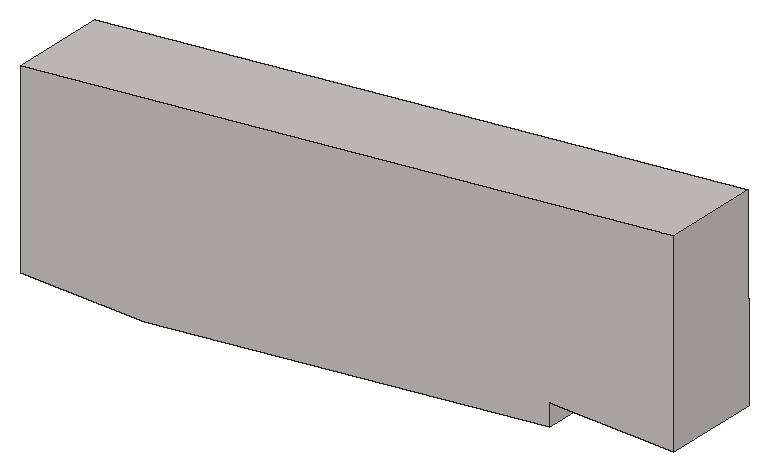
Revit family "M_Viga inclinada retangular-pré-moldada", category Quadro estrutural, Revit 2019
Family settings
  Exibir em vistas ocultas = Arestas ocultadas por outros membros
  Arredondamento do comprimento do framing estrutural = 0.0 mm
  Forma do corte = Não definido
  Material para o comportamento do modelo = Concreto pré-moldado
  Exportar sempre como geometria = Não
  Número OmniClass = 23.25.30.11.14.14
  Título OmniClass = Beams
  ID de item do Seek = Precast-Rectangular Sloped Beam-0000-CAN-ENU
  Sempre na vertical = Sim
  Corte com vazios quando carregada = Não
  Representação simbólica = Da família
  Compartilhado = Não
  Exibir o pré-corte da família na vista da planta = Sim
Parameters (values of type "300x600")
  Largura = 300.0 mm
  Peso da vara de tirante [instance] = 30
  Vara de tirante W [instance] = (Peso da vara de tirante) * 9.80 kN / 1000  # 0.294 kN
  Structural Material [instance] = Concreto - Moldado in loco - 35 MPa
  Peso do vergalhão simples [instance] = 50
  Vergalhão em W simples [instance] = (Peso do vergalhão simples * 9.80 kN) / 1000  # 0.49 kN
  Peso das grades de vergalhão [instance] = 100
  Grades de vergalhão W [instance] = (Peso das grades de vergalhão * 9.80 kN) / 1000  # 0.98 kN
  Altura [instance] = tan(Ângulo de inclinação) * Extensão 2  # 47.221 mm
  Altura da inclinação [instance] = 224.3 mm
  Extensão 2 [instance] = 400.0 mm
  Extensão 1 [instance] = 400.0 mm
  Linear = 600.0 mm
  Assembly Code = ""
  Length [instance] = 1500.0 mm
  Ângulo de inclinação [instance] = atan(Altura da inclinação / (Length + Extensão 2))  # 6.73276°
Types (3, lengths in mm): name | Largura | Linear
  (no name) | 300.0 | 600.0
  300x600 | 300.0 | 600.0
  400x800 | 400.0 | 800.0
Reference planes
  plane 1 "Centro (Frente/Trás)": y = 0
  plane 2: z = 0
  plane 3 "Centro (Esquerda/Direita)": x = 0
  plane 4 "Membro esquerdo": x = -654.019
  plane 5 "Membro direito": x = 654.019
  plane 6 "Esquerda": x = -754.019
  plane 7 "Direita": x = 745.981
  plane 8: z = 300
  plane 9: x = -1054.019
  plane 10: y = -150
  plane 11: y = 150
  plane 12: x = 1054.019
  plane 13: z = -300
  plane 14: z = -122.921
  plane 15: z = -75.7
Forms (mm)
  Extrusion 1, solid, material "Concreto - Moldado in loco - 35 MPa" <- "Structural Material"
    sketch origin (0, 0, 0) x (1, 0, 0) y (0, 0, 1)
      loop
        line (-1054.019, 300) -> (-1054.019, -300) -> (-654.019, -300) -> (654.019, -145.583) -> (654.019, -75.7) -> (1054.019, -75.7) -> (1054.019, 548.859) -> (-1054.019, 300)
    from -150 to 150
Lines and regions (mm)
  reference lines
    curve 1: line (-654.019, 0, -300) -> (796.381, 0, -128.776)
    curve 2: line (-1054.019, 0, 300) -> (-736.226, 0, 337.516)
Dimensions and locks
  "Length": plane 6 "Esquerda" to plane 7 "Direita"
  locked: level to plane 2 at 0
  equal spacing: plane 11, plane 1 "Centro (Frente/Trás)", plane 10
  "Largura": plane 11 to plane 10
  equal spacing: plane 8, plane 2, plane 13
  "Linear": plane 8 to plane 13
  "Altura": plane 15 to plane 14
  "Altura da inclinação": plane 15 to plane 13
  "Extensão 1": plane 9 to plane 4 "Membro esquerdo"
  "Extensão 2": plane 5 "Membro direito" to plane 12
  "Ângulo de inclinação": angle plane 13 to curve 1
  "Ângulo de inclinação": angle plane 13 to curve 2
  aligned and locked: plane 12 to Extrusion 1 sketch curve
  aligned and locked: Extrusion 1 sketch curve to plane 13
  aligned and locked: Extrusion 1 to plane 11
  aligned and locked: Extrusion 1 to plane 10
  aligned and locked: plane 13 to curve 1
  aligned and locked: Extrusion 1 sketch curve to curve 1
  aligned and locked: plane 8 to Extrusion 1 sketch curve
  aligned and locked: plane 9 to curve 2
  aligned and locked: plane 8 to curve 2
  aligned and locked: Extrusion 1 sketch curve to curve 2
  aligned and locked: Extrusion 1 sketch curve to plane 15
  aligned and locked: plane 5 "Membro direito" to Extrusion 1 sketch curve
  aligned and locked: plane 4 "Membro esquerdo" to Extrusion 1 sketch curve
Automatic sketch dimensions
  plane 4 "Membro esquerdo" to curve 1 = 0.0 mm
